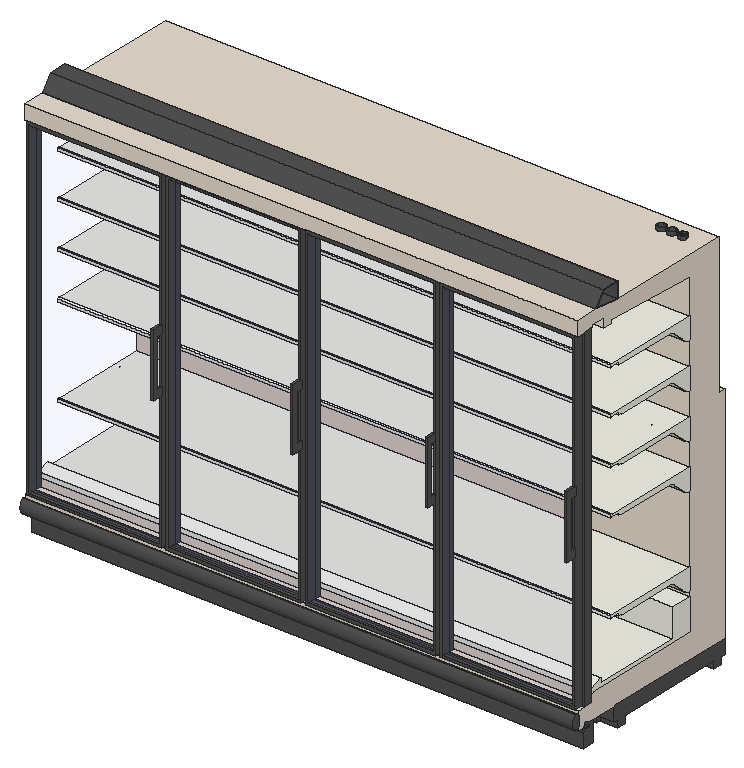
Revit family
Parameters (values of type "RLT-4")
  Voltage - Electric Defrost [instance] = 208 V
  Voltage [instance] = 120 V
  URL = "www.hussmann.com"
  Temp Sensor = "Temp Sensor"
  System Control [instance] = "0.10A"
  Standard Right End Cap On/Off [instance] = no
  Standard Left End Cap On/Off [instance] = no
  Revit Family Dates = "12/18/13(08/13)PMA"
  Refrig. Suction [instance] = "Suction"
  Refrig. Liquid = "Liquid"
  Ref. Sys. Control [instance] = 0.1 A
  R.I. RH Doors YES/NO [instance] = no
  R.I. LH Doors YES/NO [instance] = yes
  R.I. - RH Door Swing YES/NO [instance] = no
  R.I. - LH Door Swing YES/NO [instance] = yes
  Phase [instance] = 1
  Model = "RLT-4"
  Manufacturer = "HUSSMANN CORP"
  Glass [instance] = Glass
  Frequency [instance] = 60 Hz
  Elect. Defrost Amps [instance] = "15.40A"
  Elect. Def.-2 Yes/No [instance] = no
  Elect. Def. Yes/No [instance] = yes
  Elect. Def. Amps [instance] = 15.4 A
  EMS (Controller)-2 YES/NO [instance] = no
  EMS (Controller) YES/NO [instance] = yes
  Drain Heaters [instance] = 3.1 A
  Description = "4-Door Reach-in Low Temp Case"
  Copper-Suction [instance] = Copper
  Copper-Liquid [instance] = Copper
  Controls-2 YES/NO [instance] = no
  Controls Yes/No [instance] = yes
  Controller (EMS) [instance] = 0.1 A
  Condensate Drain Connection [instance] = "1 1/4\" Dia"
  Color - Toe Kick [instance] = Shadow Black
  Color - Shelves [instance] = Interior White
  Color - Light [instance] = Light
  Color - Legs [instance] = Shadow Black
  Color - Interior [instance] = Interior White
  Color - Bumper Rail [instance] = Shadow Black
  Color - Body [instance] = Mystic Gray
  Color [instance] = Shadow Black
  Case Lights-2 YES/NO [instance] = no
  Case Lights YES/NO [instance] = yes
  Case Lights Amps [instance] = "0.72A"
  Case Lights [instance] = 0.72 A
  Case KG Sup Htrs. [instance] = "5.20A"
  Case KG Sup Htrs-2 YES/NO [instance] = no
  Case KG Sup Htrs YES/NO [instance] = yes
  Case KG Sup Htrs [instance] = 5.2 A
  Case Fans-MCA [instance] = 9.3 A
  Case Fans-2 YES/NO [instance] = no
  Case Fans YES/NO [instance] = yes
  Case Fans (MCA) [instance] = "9.30A"
  Case Drain Htrs-2 YES/NO [instance] = no
  Case Drain Htrs YES/NO [instance] = yes
  Case Drain Htrs [instance] = "3.10A"
  5-Shelves On/Off [instance] = yes
  4-Shelves On/Off [instance] = no
  3-Shelves On/Off [instance] = no
  2-Shelves On/Off [instance] = no
  1-Shelves On/Off [instance] = no
Reference planes (in)
  plane 1 "Center (Front/Back)": y = 0
  plane 2: z = 0
  plane 3 "Center (Left/Right)": x = 0
  plane 4: x = 62
  plane 5: y = -42.125
  plane 6: z = 4.75
  plane 7: x = 31
  plane 8: x = 30.5
  plane 9: x = 31.5
  plane 10: x = 0.5
  plane 11: x = 61.5
  plane 12: z = 82.75017
  plane 13: z = 8.25017
  plane 14: x = 30
  plane 15: x = 32
  plane 16: x = 1
  plane 17: x = 61
  plane 18: z = 8.75017
  plane 19: z = 82.25017
  plane 20: y = -40.875
  plane 21: y = -39
  plane 22: y = -43.16337
  plane 23: z = 89.00011
  plane 24: z = 86.00442
  plane 25: x = 122.875
  plane 26: x = 91.87738
  plane 27: x = 91.37738
  plane 28: x = 90.87738
Forms (in)
  Extrusion 1, solid, material "Mystic Gray" <- "Color - Body"
    sketch origin (0, 0, 0) x (0, 1, 0) y (0, 0, 1)
      loop
        line (-40.6, 8.25017) -> (-40.6, 4.265) -> (-39.3376, 4.265) -> (-38.7126, 5.34753) -> (-37.67764, 4.75) -> (0, 4.75) -> (0, 54.406) -> (-1.626, 54.406) -> (-1.626, 85.375) -> (-29.626, 85.375) -> (-35.7178, 86.00442) -> (-40.87784, 86.00442) -> (-40.87784, 82.75442) -> (-36.90797, 82.75442) -> (-36.90797, 83.34417) -> (-33.56579, 83.34417) -> (-33.65569, 81.38621) -> (-31.65779, 81.29448) -> (-31.6237, 82.03699) -> (-9.64685, 81.02795) -> (-9.64685, 10.27795) -> (-36.64685, 10.27795) -> (-36.64685, 9.94983) -> (-36.98797, 9.94983) -> (-36.98797, 8.25017) -> (-40.6, 8.25017)
    from 0 to 122.875
  Extrusion 2, solid, material "Shadow Black" <- "Color - Legs"
    sketch origin (0, 0, 0) x (1, 0, 0) y (0, 1, 0)
      loop
        line (4, -36.707) -> (10, -36.707) -> (10, -35.86) -> (9, -35.86) -> (9, -30.528) -> (10, -30.528) -> (10, -29.778) -> (4, -29.778) -> (4, -30.528) -> (5, -30.528) -> (5, -35.86) -> (4, -35.86) -> (4, -36.707)
      loop
        line (113, -36.707) -> (119, -36.707) -> (119, -35.86) -> (118, -35.86) -> (118, -30.528) -> (119, -30.528) -> (119, -29.778) -> (113, -29.778) -> (113, -30.528) -> (114, -30.528) -> (114, -35.86) -> (113, -35.86) -> (113, -36.707)
      loop
        line (82.4375, -36.707) -> (88.4375, -36.707) -> (88.4375, -35.86) -> (87.4375, -35.86) -> (87.4375, -30.528) -> (88.4375, -30.528) -> (88.4375, -29.778) -> (82.4375, -29.778) -> (82.4375, -30.528) -> (83.4375, -30.528) -> (83.4375, -35.86) -> (82.4375, -35.86) -> (82.4375, -36.707)
      loop
        line (34.4375, -36.707) -> (40.4375, -36.707) -> (40.4375, -35.86) -> (39.4375, -35.86) -> (39.4375, -30.528) -> (40.4375, -30.528) -> (40.4375, -29.778) -> (34.4375, -29.778) -> (34.4375, -30.528) -> (35.4375, -30.528) -> (35.4375, -35.86) -> (34.4375, -35.86) -> (34.4375, -36.707)
    from 0 to 4.639
  Extrusion 3, solid, material "Shadow Black" <- "Color - Toe Kick"
    sketch origin (0, 0, 0) x (0, 1, 0) y (0, 0, 1)
      loop
        line (-37.67764, 4.75) -> (-37.471, 3.6869) -> (-38.14784, 3.6869) -> (-38.22804, 3.548) -> (-38.79179, 3.34281) -> (-39, 3.02219) -> (-39, 0) -> (-36.707, 0) -> (-36.707, 4.75) -> (-37.67764, 4.75)
    from 0 to 122.875
  Extrusion 4, solid, material "Shadow Black" <- "Color - Legs"
    sketch origin (0, 0, 0) x (0, 1, 0) y (0, 0, 1)
      loop
        line (-30.75, 4.75) -> (-30.75, 1.556) -> (-29.691, 1.556) -> (-29.691, 0) -> (-27.799, 0) -> (-27.799, 1.556) -> (-2.895, 1.556) -> (-2.895, 0) -> (-1.003, 0) -> (-1.003, 1.556) -> (0, 1.556) -> (0, 4.75) -> (-30.75, 4.75)
    from 0 to 122.875
  Extrusion 5, solid, material "Interior White" <- "Color - Interior"
    sketch origin (0, 0, 0) x (0, 1, 0) y (0, 0, 1)
      loop
        line (-9.64685, 10.27795) -> (-9.64685, 17.37517) -> (-14.2885, 17.37517) -> (-14.2885, 10.94933) -> (-34.45597, 10.94933) -> (-34.45597, 11.95641) -> (-37.00724, 10.94933) -> (-37.00724, 9.94933) -> (-36.6378, 9.94933) -> (-36.6378, 10.27795) -> (-9.64685, 10.27795)
    from 0 to 122.875
  Extrusion 6, solid, material "Interior White" <- "Color - Shelves", visible <- "5-Shelves On/Off"
    sketch origin (0, 0, 0) x (0, 1, 0) y (0, 0, 1)
      loop
        line (-9.64685, 23.17405) -> (-31.4298, 23.17405) -> (-31.4298, 23.3192) -> (-31.6635, 23.21022) -> (-31.6635, 22.58599) -> (-31.29125, 22.8665) -> (-31.11141, 22.74057) -> (-29.50986, 22.74057) -> (-29.50986, 22.24057) -> (-28.63922, 22.21017) -> (-28.63922, 22.11574) -> (-14.76647, 22.11574) -> (-10.99391, 18.8565) -> (-10.00662, 18.37496) -> (-9.64685, 18.37496) -> (-9.64685, 23.17405)
      loop
        line (-9.64685, 43.17405) -> (-31.4298, 43.17405) -> (-31.4298, 43.3192) -> (-31.6635, 43.21022) -> (-31.6635, 42.58599) -> (-31.29125, 42.8665) -> (-31.11141, 42.74057) -> (-29.50986, 42.74057) -> (-29.50986, 42.24057) -> (-28.63922, 42.21017) -> (-28.63922, 42.11574) -> (-14.76647, 42.11574) -> (-10.99391, 38.8565) -> (-10.00662, 38.37496) -> (-9.64685, 38.37496) -> (-9.64685, 43.17405)
      loop
        line (-9.64685, 53.17405) -> (-31.4298, 53.17405) -> (-31.4298, 53.3192) -> (-31.6635, 53.21022) -> (-31.6635, 52.58599) -> (-31.29125, 52.8665) -> (-31.11141, 52.74057) -> (-29.50986, 52.74057) -> (-29.50986, 52.24057) -> (-28.63922, 52.21017) -> (-28.63922, 52.11574) -> (-14.76647, 52.11574) -> (-10.99391, 48.8565) -> (-10.00662, 48.37496) -> (-9.64685, 48.37496) -> (-9.64685, 53.17405)
      loop
        line (-9.64685, 63.17405) -> (-31.4298, 63.17405) -> (-31.4298, 63.3192) -> (-31.6635, 63.21022) -> (-31.6635, 62.58599) -> (-31.29125, 62.8665) -> (-31.11141, 62.74057) -> (-29.50986, 62.74057) -> (-29.50986, 62.24057) -> (-28.63922, 62.21017) -> (-28.63922, 62.11574) -> (-14.76647, 62.11574) -> (-10.99391, 58.8565) -> (-10.00662, 58.37496) -> (-9.64685, 58.37496) -> (-9.64685, 63.17405)
      loop
        line (-9.64685, 73.17405) -> (-31.4298, 73.17405) -> (-31.4298, 73.3192) -> (-31.6635, 73.21022) -> (-31.6635, 72.58599) -> (-31.29125, 72.8665) -> (-31.11141, 72.74057) -> (-29.50986, 72.74057) -> (-29.50986, 72.24057) -> (-28.63922, 72.21017) -> (-28.63922, 72.11574) -> (-14.76647, 72.11574) -> (-10.99391, 68.8565) -> (-10.00662, 68.37496) -> (-9.64685, 68.37496) -> (-9.64685, 73.17405)
    from 0 to 122.875
  Extrusion 7, solid, material "Shadow Black" <- "Color - Bumper Rail"
    sketch origin (0, 0, 0) x (0, 1, 0) y (0, 0, 1)
      loop
        line (-40.6, 7.23837) -> (-41.07283, 7.7112) -> (-41.39244, 7.7112)
        arc (-41.39244, 7.7112) -> (-42.13964, 6.12628) -> (-41.39244, 4.54135) r 2.05454
        line (-41.39244, 4.54135) -> (-41.07408, 4.54135) -> (-40.6, 5.01543) -> (-40.6, 7.23837)
    from 0 to 122.875
  Extrusion 8, solid, material "Shadow Black" <- "Color"
    sketch origin (0, 0, 0) x (0, 1, 0) y (0, 0, 1)
      loop
        line (-38.8929, 82.75442) -> (-38.8929, 8.25017) -> (-36.98797, 8.25017) -> (-36.98797, 82.75442) -> (-38.8929, 82.75442)
    from 0 to 0.5
  Extrusion 9, solid, material "Shadow Black" <- "Color"
    sketch origin (30.5, -0.09507, 0) x (0, 1, 0) y (0, 0, 1)
      loop
        line (-38.8929, 82.75442) -> (-38.8929, 8.25017) -> (-36.98797, 8.25017) -> (-36.98797, 82.75442) -> (-38.8929, 82.75442)
    from 0 to 1
  Extrusion 10, solid, material "Shadow Black" <- "Color"
    sketch origin (0, 0, 0) x (1, 0, 0) y (0, 0, 1)
      loop
        line (0.5, 8.25017) -> (30.5, 8.25017) -> (30.5, 82.75442) -> (0.5, 82.75442) -> (0.5, 8.25017)
      loop
        line (1, 8.75017) -> (30, 8.75017) -> (30, 82.25017) -> (1, 82.25017) -> (1, 8.75017)
    from 39 to 40.87784
  Extrusion 11, solid, material "Glass"
    sketch origin (0, 0, 0) x (1, 0, 0) y (0, 0, 1)
      loop
        line (1, 8.75017) -> (30, 8.75017) -> (30, 82.25017) -> (1, 82.25017) -> (1, 8.75017)
    from 39.65088 to 40.28076
  Extrusion 12, solid, material "Shadow Black" <- "Color"
    sketch origin (31, 0, 0) x (1, 0, 0) y (0, 0, 1)
      loop
        line (0.5, 8.25017) -> (30.5, 8.25017) -> (30.5, 82.75442) -> (0.5, 82.75442) -> (0.5, 8.25017)
      loop
        line (1, 8.75017) -> (30, 8.75017) -> (30, 82.25017) -> (1, 82.25017) -> (1, 8.75017)
    from 39 to 40.87784
  Extrusion 13, solid, material "Glass" <- "Glass"
    sketch origin (31, 0, 0) x (1, 0, 0) y (0, 0, 1)
      loop
        line (1, 8.75017) -> (30, 8.75017) -> (30, 82.25017) -> (1, 82.25017) -> (1, 8.75017)
    from 39.65088 to 40.28076
  Extrusion 14, solid, material "Shadow Black" <- "Color", visible <- "R.I. LH Doors YES/NO"
    sketch origin (0, 0, 0) x (0, 1, 0) y (0, 0, 1)
      loop
        line (-40.875, 52.65143) -> (-43.16337, 52.65143) -> (-43.16337, 38.65143) -> (-40.87784, 38.65143) -> (-40.87784, 40.40143) -> (-42.26191, 40.40143) -> (-42.26191, 50.90143) -> (-40.875, 50.90143) -> (-40.875, 52.65143)
    from 30 to 30.5
  Extrusion 15, solid
    sketch origin (38.5, 0, 0) x (1, 0, 0) y (0, 1, 0)
      loop
        circle (38.125, -34.62535) r 0.625
      loop
        circle (38.125, -34.62535) r 0.5578
    from 3.875 to 4.75
  Extrusion 16, solid, material "Shadow Black" <- "Color"
    sketch origin (60.875, 0, 0) x (1, 0, 0) y (0, 1, 0)
      loop
        circle (57.125, -5.5) r 0.9375
      loop
        circle (57.125, -5.5) r 0.84894
    from 85.375 to 86.00442
  Extrusion 17, solid, material "Shadow Black" <- "Color"
    sketch origin (58.5, 0, 0) x (1, 0, 0) y (0, 1, 0)
      loop
        circle (57.125, -5.5) r 0.9375
      loop
        circle (57.125, -5.5) r 0.84894
    from 85.375 to 86.00442
  Extrusion 18, solid, material "Shadow Black" <- "Color"
    sketch origin (56.125, 0, 0) x (1, 0, 0) y (0, 1, 0)
      loop
        circle (57.125, -5.5) r 0.9375
      loop
        circle (57.125, -5.5) r 0.84894
    from 85.36717 to 86
  Extrusion 19, solid, material "Shadow Black" <- "Color"
    sketch origin (122.375, -0.0369, 0) x (0, 1, 0) y (0, 0, 1)
      loop
        line (-38.8929, 82.75442) -> (-38.8929, 8.25017) -> (-36.98797, 8.25017) -> (-36.98797, 82.75442) -> (-38.8929, 82.75442)
    from 0 to 0.5
  Extrusion 20, solid, material "Shadow Black" <- "Color"
    sketch origin (91.875, 0, 0) x (1, 0, 0) y (0, 0, 1)
      loop
        line (0.5, 8.25017) -> (30.5, 8.25017) -> (30.5, 82.75442) -> (0.5, 82.75442) -> (0.5, 8.25017)
      loop
        line (1, 8.75017) -> (30, 8.75017) -> (30, 82.25017) -> (1, 82.25017) -> (1, 8.75017)
    from 39 to 40.87784
  Extrusion 21, solid, material "Glass" <- "Glass"
    sketch origin (91.875, 0, 0) x (1, 0, 0) y (0, 0, 1)
      loop
        line (1, 8.75017) -> (30, 8.75017) -> (30, 82.25017) -> (1, 82.25017) -> (1, 8.75017)
    from 39.65088 to 40.28076
  Extrusion 22, solid, material "Shadow Black" <- "Color", visible <- "R.I. LH Doors YES/NO"
    sketch origin (60.875, 0.03553, 0) x (0, 1, 0) y (0, 0, 1)
      loop
        line (-40.875, 52.65143) -> (-43.16337, 52.65143) -> (-43.16337, 38.65143) -> (-40.87784, 38.65143) -> (-40.87784, 40.40143) -> (-42.26191, 40.40143) -> (-42.26191, 50.90143) -> (-40.875, 50.90143) -> (-40.875, 52.65143)
    from 30 to 30.5
  Extrusion 23, solid, material "Shadow Black" <- "Color"
    sketch origin (61.5, -0.09507, 0) x (0, 1, 0) y (0, 0, 1)
      loop
        line (-38.8929, 82.75442) -> (-38.8929, 8.25017) -> (-36.98797, 8.25017) -> (-36.98797, 82.75442) -> (-38.8929, 82.75442)
    from 0 to 1
  Extrusion 24, solid, material "Shadow Black" <- "Color"
    sketch origin (62, 0, 0) x (1, 0, 0) y (0, 0, 1)
      loop
        line (0.5, 8.25017) -> (29.37738, 8.25017) -> (29.37738, 82.75442) -> (0.5, 82.75442) -> (0.5, 8.25017)
      loop
        line (1, 8.75017) -> (28.87738, 8.75017) -> (28.87738, 82.25017) -> (1, 82.25017) -> (1, 8.75017)
    from 39 to 40.87784
  Extrusion 25, solid, material "Glass" <- "Glass"
    sketch origin (62, 0, 0) x (1, 0, 0) y (0, 0, 1)
      loop
        line (1, 8.75017) -> (28.87738, 8.75017) -> (28.87738, 82.25017) -> (1, 82.25017) -> (1, 8.75017)
    from 39.65088 to 40.28076
  Extrusion 26, solid, material "Shadow Black" <- "Color", visible <- "R.I. LH Doors YES/NO"
    sketch origin (31, 0.03553, 0) x (0, 1, 0) y (0, 0, 1)
      loop
        line (-40.875, 52.65143) -> (-43.16337, 52.65143) -> (-43.16337, 38.65143) -> (-40.87784, 38.65143) -> (-40.87784, 40.40143) -> (-42.26191, 40.40143) -> (-42.26191, 50.90143) -> (-40.875, 50.90143) -> (-40.875, 52.65143)
    from 30 to 30.5
  Extrusion 27, solid, material "Shadow Black" <- "Color"
    sketch origin (91.37738, -0.4949, 0) x (0, 1, 0) y (0, 0, 1)
      loop
        line (-38.8929, 82.75442) -> (-38.8929, 8.25017) -> (-36.98797, 8.25017) -> (-36.98797, 82.75442) -> (-38.8929, 82.75442)
    from 0 to 1
  Extrusion 28, solid, material "Shadow Black" <- "Color", visible <- "R.I. LH Doors YES/NO"
    sketch origin (91.875, 0.03553, 0) x (0, 1, 0) y (0, 0, 1)
      loop
        line (-40.875, 52.65143) -> (-43.16337, 52.65143) -> (-43.16337, 38.65143) -> (-40.87784, 38.65143) -> (-40.87784, 40.40143) -> (-42.26191, 40.40143) -> (-42.26191, 50.90143) -> (-40.875, 50.90143) -> (-40.875, 52.65143)
    from 30 to 30.5
  Extrusion 29, solid, material "Shadow Black" <- "Color"
    sketch origin (0, 0, 0) x (0, 1, 0) y (0, 0, 1)
      loop
        line (-29.626, 85.375) -> (-29.626, 89.00011) -> (-33.6202, 89.00011) -> (-35.7178, 86.00442) -> (-29.626, 85.375)
      loop
        line (-29.70065, 85.4864) -> (-29.70065, 88.91944) -> (-33.56683, 88.91944) -> (-35.54766, 86.09053) -> (-29.70065, 85.4864)
    from 0 to 122.875
  Extrusion 30, solid, material "Shadow Black" <- "Color", visible <- "R.I. RH Doors YES/NO"
    sketch origin (31, 0, 0) x (0, 1, 0) y (0, 0, -1)
      loop
        line (-40.875, -52.65143) -> (-40.875, -50.90143) -> (-42.26191, -50.90143) -> (-42.26191, -40.40143) -> (-40.87784, -40.40143) -> (-40.87784, -38.65143) -> (-43.16337, -38.65143) -> (-43.16337, -52.65143) -> (-40.875, -52.65143)
    from 30 to 30.5
  Extrusion 31, solid, material "Shadow Black" <- "Color", visible <- "R.I. RH Doors YES/NO"
    sketch origin (62, 0, 0) x (0, 1, 0) y (0, 0, -1)
      loop
        line (-40.875, -52.65143) -> (-40.875, -50.90143) -> (-42.26191, -50.90143) -> (-42.26191, -40.40143) -> (-40.87784, -40.40143) -> (-40.87784, -38.65143) -> (-43.16337, -38.65143) -> (-43.16337, -52.65143) -> (-40.875, -52.65143)
    from 30 to 30.5
  Extrusion 32, solid, material "Shadow Black" <- "Color", visible <- "R.I. RH Doors YES/NO"
    sketch origin (93, 0, 0) x (0, 1, 0) y (0, 0, -1)
      loop
        line (-40.875, -52.65143) -> (-40.875, -50.90143) -> (-42.26191, -50.90143) -> (-42.26191, -40.40143) -> (-40.87784, -40.40143) -> (-40.87784, -38.65143) -> (-43.16337, -38.65143) -> (-43.16337, -52.65143) -> (-40.875, -52.65143)
    from 30 to 30.5
  Extrusion 33, solid, material "Shadow Black" <- "Color", visible <- "R.I. RH Doors YES/NO"
    sketch origin (122.87106, 0, 0) x (0, 1, 0) y (0, 0, -1)
      loop
        line (-40.875, -52.65143) -> (-40.875, -50.90143) -> (-42.26191, -50.90143) -> (-42.26191, -40.40143) -> (-40.87784, -40.40143) -> (-40.87784, -38.65143) -> (-43.16337, -38.65143) -> (-43.16337, -52.65143) -> (-40.875, -52.65143)
    from 30 to 30.5
  Extrusion 34, solid
    sketch origin (7.25, -1.75, 0) x (1, 0, 0) y (0, 1, 0)
      loop
        circle (2.75, -30.16725) r 0.5
      loop
        circle (2.75, -30.16725) r 0.47014
      loop
        circle (4, -30.16725) r 0.5
      loop
        circle (4, -30.16725) r 0.47014
      loop
        circle (5.25, -30.16725) r 0.5
      loop
        circle (5.25, -30.16725) r 0.47014
      loop
        circle (6.5, -30.16725) r 0.5
      loop
        circle (6.5, -30.16725) r 0.47014
      loop
        circle (7.75, -30.16725) r 0.5
      loop
        circle (7.75, -30.16725) r 0.47014
      loop
        circle (2.75, -29.04125) r 0.5
      loop
        circle (2.75, -29.04125) r 0.47014
      loop
        circle (4, -29.04125) r 0.5
      loop
        circle (4, -29.04125) r 0.47014
    from 85.375 to 86.33078
  Extrusion 35, solid
    sketch origin (115.62738, -1.75, 0) x (-1, 0, 0) y (0, -1, 0)
      loop
        circle (2.75, 30.16725) r 0.5
      loop
        circle (2.75, 30.16725) r 0.47014
      loop
        circle (4, 30.16725) r 0.5
      loop
        circle (4, 30.16725) r 0.47014
      loop
        circle (5.25, 30.16725) r 0.5
      loop
        circle (5.25, 30.16725) r 0.47014
      loop
        circle (6.5, 30.16725) r 0.5
      loop
        circle (6.5, 30.16725) r 0.47014
      loop
        circle (7.75, 30.16725) r 0.5
      loop
        circle (7.75, 30.16725) r 0.47014
      loop
        circle (2.75, 29.04125) r 0.5
      loop
        circle (2.75, 29.04125) r 0.47014
      loop
        circle (4, 29.04125) r 0.5
      loop
        circle (4, 29.04125) r 0.47014
    from 85.375 to 86.33078
  Extrusion 36, solid, material "Copper" <- "Copper-Suction"
    sketch origin (60.86777, 0, 0) x (1, 0, 0) y (0, 1, 0)
      loop
        circle (57.42378, -5.50951) r 0.3125
      loop
        circle (57.42378, -5.50951) r 0.28333
    from 85.375 to 86.00442
  Extrusion 37, solid, material "Copper" <- "Copper-Liquid"
    sketch origin (60.86777, 0, 0) x (1, 0, 0) y (0, 1, 0)
      loop
        circle (56.67874, -5.50951) r 0.1875
      loop
        circle (56.67874, -5.50951) r 0.17549
    from 85.375 to 86.00442
  Extrusion 38, solid, material "Interior White" <- "Color - Shelves", visible <- "1-Shelves On/Off"
    sketch origin (0, 0, 0) x (0, 1, 0) y (0, 0, 1)
      loop
        line (-9.64685, 43.17405) -> (-31.4298, 43.17405) -> (-31.4298, 43.3192) -> (-31.6635, 43.21022) -> (-31.6635, 42.58599) -> (-31.29125, 42.8665) -> (-31.11141, 42.74057) -> (-29.50986, 42.74057) -> (-29.50986, 42.24057) -> (-28.63922, 42.21017) -> (-28.63922, 42.11574) -> (-14.76647, 42.11574) -> (-10.99391, 38.8565) -> (-10.00662, 38.37496) -> (-9.64685, 38.37496) -> (-9.64685, 43.17405)
    from 0 to 122.875
  Extrusion 39, solid, material "Interior White" <- "Color - Shelves", visible <- "2-Shelves On/Off"
    sketch origin (0, 0, 0) x (0, 1, 0) y (0, 0, 1)
      loop
        line (-9.64685, 43.17405) -> (-31.4298, 43.17405) -> (-31.4298, 43.3192) -> (-31.6635, 43.21022) -> (-31.6635, 42.58599) -> (-31.29125, 42.8665) -> (-31.11141, 42.74057) -> (-29.50986, 42.74057) -> (-29.50986, 42.24057) -> (-28.63922, 42.21017) -> (-28.63922, 42.11574) -> (-14.76647, 42.11574) -> (-10.99391, 38.8565) -> (-10.00662, 38.37496) -> (-9.64685, 38.37496) -> (-9.64685, 43.17405)
      loop
        line (-9.64685, 63.17405) -> (-31.4298, 63.17405) -> (-31.4298, 63.3192) -> (-31.6635, 63.21022) -> (-31.6635, 62.58599) -> (-31.29125, 62.8665) -> (-31.11141, 62.74057) -> (-29.50986, 62.74057) -> (-29.50986, 62.24057) -> (-28.63922, 62.21017) -> (-28.63922, 62.11574) -> (-14.76647, 62.11574) -> (-10.99391, 58.8565) -> (-10.00662, 58.37496) -> (-9.64685, 58.37496) -> (-9.64685, 63.17405)
    from 0 to 122.875
  Extrusion 40, solid, material "Interior White" <- "Color - Shelves", visible <- "3-Shelves On/Off"
    sketch origin (0, 0, 0) x (0, 1, 0) y (0, 0, 1)
      loop
        line (-9.64685, 43.17405) -> (-31.4298, 43.17405) -> (-31.4298, 43.3192) -> (-31.6635, 43.21022) -> (-31.6635, 42.58599) -> (-31.29125, 42.8665) -> (-31.11141, 42.74057) -> (-29.50986, 42.74057) -> (-29.50986, 42.24057) -> (-28.63922, 42.21017) -> (-28.63922, 42.11574) -> (-14.76647, 42.11574) -> (-10.99391, 38.8565) -> (-10.00662, 38.37496) -> (-9.64685, 38.37496) -> (-9.64685, 43.17405)
      loop
        line (-9.64685, 53.17405) -> (-31.4298, 53.17405) -> (-31.4298, 53.3192) -> (-31.6635, 53.21022) -> (-31.6635, 52.58599) -> (-31.29125, 52.8665) -> (-31.11141, 52.74057) -> (-29.50986, 52.74057) -> (-29.50986, 52.24057) -> (-28.63922, 52.21017) -> (-28.63922, 52.11574) -> (-14.76647, 52.11574) -> (-10.99391, 48.8565) -> (-10.00662, 48.37496) -> (-9.64685, 48.37496) -> (-9.64685, 53.17405)
      loop
        line (-9.64685, 63.17405) -> (-31.4298, 63.17405) -> (-31.4298, 63.3192) -> (-31.6635, 63.21022) -> (-31.6635, 62.58599) -> (-31.29125, 62.8665) -> (-31.11141, 62.74057) -> (-29.50986, 62.74057) -> (-29.50986, 62.24057) -> (-28.63922, 62.21017) -> (-28.63922, 62.11574) -> (-14.76647, 62.11574) -> (-10.99391, 58.8565) -> (-10.00662, 58.37496) -> (-9.64685, 58.37496) -> (-9.64685, 63.17405)
    from 0 to 122.875
  Extrusion 41, solid, material "Interior White" <- "Color - Shelves", visible <- "4-Shelves On/Off"
    sketch origin (0, 0, 0) x (0, 1, 0) y (0, 0, 1)
      loop
        line (-9.64685, 43.17405) -> (-31.4298, 43.17405) -> (-31.4298, 43.3192) -> (-31.6635, 43.21022) -> (-31.6635, 42.58599) -> (-31.29125, 42.8665) -> (-31.11141, 42.74057) -> (-29.50986, 42.74057) -> (-29.50986, 42.24057) -> (-28.63922, 42.21017) -> (-28.63922, 42.11574) -> (-14.76647, 42.11574) -> (-10.99391, 38.8565) -> (-10.00662, 38.37496) -> (-9.64685, 38.37496) -> (-9.64685, 43.17405)
      loop
        line (-9.64685, 53.17405) -> (-31.4298, 53.17405) -> (-31.4298, 53.3192) -> (-31.6635, 53.21022) -> (-31.6635, 52.58599) -> (-31.29125, 52.8665) -> (-31.11141, 52.74057) -> (-29.50986, 52.74057) -> (-29.50986, 52.24057) -> (-28.63922, 52.21017) -> (-28.63922, 52.11574) -> (-14.76647, 52.11574) -> (-10.99391, 48.8565) -> (-10.00662, 48.37496) -> (-9.64685, 48.37496) -> (-9.64685, 53.17405)
      loop
        line (-9.64685, 63.17405) -> (-31.4298, 63.17405) -> (-31.4298, 63.3192) -> (-31.6635, 63.21022) -> (-31.6635, 62.58599) -> (-31.29125, 62.8665) -> (-31.11141, 62.74057) -> (-29.50986, 62.74057) -> (-29.50986, 62.24057) -> (-28.63922, 62.21017) -> (-28.63922, 62.11574) -> (-14.76647, 62.11574) -> (-10.99391, 58.8565) -> (-10.00662, 58.37496) -> (-9.64685, 58.37496) -> (-9.64685, 63.17405)
      loop
        line (-9.64685, 73.17405) -> (-31.4298, 73.17405) -> (-31.4298, 73.3192) -> (-31.6635, 73.21022) -> (-31.6635, 72.58599) -> (-31.29125, 72.8665) -> (-31.11141, 72.74057) -> (-29.50986, 72.74057) -> (-29.50986, 72.24057) -> (-28.63922, 72.21017) -> (-28.63922, 72.11574) -> (-14.76647, 72.11574) -> (-10.99391, 68.8565) -> (-10.00662, 68.37496) -> (-9.64685, 68.37496) -> (-9.64685, 73.17405)
    from 0 to 122.875
Lines and regions (in)
  symbolic lines
    curve 1: line (0, -42.13964, 0) -> (122.875, -42.13964, 0)
    curve 2: line (0, 0, 0) -> (0, -42.13964, 0)
    curve 3: line (122.875, 0, 0) -> (0, 0, 0)
    curve 4: line (122.875, -42.13964, 0) -> (122.875, 0, 0)
  symbolic lines, visible <- "R.I. - LH Door Swing YES/NO"
    curve 5: line (32, -42.13964, 0) -> (32, -72.13964, 0)
    curve 6: arc (32, -72.13964, 0) -> (53.2132, -63.35284, 0) -> (62, -42.13964, 0) r 30
    curve 7: line (62.5, -42.13964, 0) -> (62.5, -72.13964, 0)
    curve 8: arc (62.5, -72.13964, 0) -> (83.7132, -63.35284, 0) -> (92.5, -42.13964, 0) r 30
    curve 9: line (1, -42.13964, 0) -> (1, -72.13964, 0)
    curve 10: arc (1, -72.13964, 0) -> (22.2132, -63.35284, 0) -> (31, -42.13964, 0) r 30
    curve 19: line (92.5, -42.13964, 0) -> (92.5, -72.13964, 0)
    curve 20: arc (92.5, -72.13964, 0) -> (113.7132, -63.35284, 0) -> (122.5, -42.13964, 0) r 30
  symbolic lines, visible <- "R.I. - RH Door Swing YES/NO"
    curve 11: line (61, -42.13964, 0) -> (61, -72.13964, 0)
    curve 12: arc (61, -72.13964, 0) -> (39.7868, -63.35284, 0) -> (31, -42.13964, 0) r 30
    curve 13: line (92, -42.13964, 0) -> (92, -72.13964, 0)
    curve 14: arc (92, -72.13964, 0) -> (70.7868, -63.35284, 0) -> (62, -42.13964, 0) r 30
    curve 15: line (30, -42.13964, 0) -> (30, -72.13964, 0)
    curve 16: arc (30, -72.13964, 0) -> (8.7868, -63.35284, 0) -> (0, -42.13964, 0) r 30
    curve 17: line (122.375, -42.13964, 0) -> (122.375, -72.13964, 0)
    curve 18: arc (122.375, -72.13964, 0) -> (101.1618, -63.35284, 0) -> (92.375, -42.13964, 0) r 30
Dimensions and locks (in)
  plane 20 to plane 1 "Center (Front/Back)" = 3' - 4 7/8"
  plane 21 to plane 1 "Center (Front/Back)" = 3' - 3"
  plane 5 to plane 1 "Center (Front/Back)" = 3' - 6 1/8"  (x2)
  plane 24 to level = 7' - 2.00442"
  plane 23 to level = 7' - 5.00011"
  plane 3 "Center (Left/Right)" to plane 25 = 10' - 2 7/8"
  aligned and locked: Extrusion 8 sketch curve to Extrusion 1  (x2)
  aligned and locked: plane 9 to Extrusion 9
  aligned and locked: Extrusion 8 to Extrusion 10 sketch curve  (x2)
  aligned and locked: Extrusion 10 sketch curve to Extrusion 9  (x2)
  aligned and locked: plane 16 to Extrusion 10 sketch curve
  aligned and locked: Extrusion 10 sketch curve to plane 18
  aligned and locked: plane 19 to Extrusion 10 sketch curve
  aligned and locked: plane 14 to Extrusion 10 sketch curve
  aligned and locked: Extrusion 1 to Extrusion 10
  aligned and locked: Extrusion 11 sketch curve to Extrusion 10  (x3)
  aligned and locked: Extrusion 10 to Extrusion 11 sketch curve
  aligned and locked: Extrusion 13 sketch curve to Extrusion 12  (x3)
  aligned and locked: Extrusion 12 to Extrusion 13 sketch curve
  aligned and locked: Extrusion 14 to plane 14
  aligned and locked: plane 8 to Extrusion 14
  aligned and locked: Extrusion 1 to Extrusion 6
  aligned and locked: Extrusion 1 to Extrusion 5
  aligned and locked: Extrusion 1 to Extrusion 4
  aligned and locked: Extrusion 1 to Extrusion 3
  aligned and locked: Extrusion 21 sketch curve to Extrusion 20  (x3)
  aligned and locked: Extrusion 20 to Extrusion 21 sketch curve
  aligned and locked: Extrusion 25 sketch curve to Extrusion 24  (x3)
  aligned and locked: Extrusion 24 to Extrusion 25 sketch curve
  aligned and locked: Extrusion 24 to plane 28
  aligned and locked: plane 27 to Extrusion 24
  aligned and locked: Extrusion 1 to Extrusion 29
  aligned and locked: curve 2 to Extrusion 7
  aligned and locked: curve 3 to Extrusion 1
  aligned and locked: curve 4 to Extrusion 1
  aligned and locked: Extrusion 1 to Extrusion 41
  aligned and locked: Extrusion 1 to Extrusion 40
  aligned and locked: Extrusion 1 to Extrusion 39
  aligned and locked: Extrusion 1 to Extrusion 38
Nested families (in)
  nested 1: "Case Model TXT" at (62.45389, -9.63531, 0), type "Case Model TXT"
  nested 2: "Case Nodes" at (10, -31.91592, 0), type "Case Nodes"
  nested 3: "Case Nodes" at (112.87738, -31.91592, 0) x (-1, 0, 0) z (0, 0, 1), type "Case Nodes"
  nested 4: "Case Nodes" at (117.98015, -5.48329, 0) x (-1, 0, 0) z (0, 0, 1), type "Case Nodes"
  nested 5: "Case Nodes" at (31, -39, 0), type "Case Nodes"
  nested 6: "Case Nodes" at (31, -29, 0), type "Case Nodes"
  nested 7: "Case Nodes" at (31, -33, 0), type "Case Nodes"
  nested 8: "Case Nodes" at (91.87738, -39, 0) x (-1, 0, 0) z (0, 0, 1), type "Case Nodes"
  nested 9: "Case Nodes" at (91.87738, -29, 0) x (-1, 0, 0) z (0, 0, 1), type "Case Nodes"
  nested 10: "Case Nodes" at (91.87738, -33, 0) x (-1, 0, 0) z (0, 0, 1), type "Case Nodes"
  nested 11: "RLT-INNOVATOR_END CAP" at (-1, 0, 0), visible <- "Standard Left End Cap On/Off", type "RLT END CAP"
    with Color - Body Mystic Gray
  nested 12: "RLT-INNOVATOR_END CAP" at (122.875, 0, 0), visible <- "Standard Right End Cap On/Off", type "RLT END CAP"
    with Color - Body Mystic Gray
Connectors (in)
  piping at (76.625, -34.62535, 3.875), driven by "Condensate Drain Connection"
    settings: on Extrusion 15, index 10, connector radius 5/8", flow factor 0, pipe flow 0 GPM, pressure drop 0.00 psi, fitting loss kfactor 0, connector angle 0.00°, fixture units 0, flow configuration 0, flow direction 2, fitting loss method 0, system type 16, connector reference index -1, connector utility 0, adjustable connector no, is connector primary yes, fitting loss table "", connector description "1 1/4\" Dia"
  electrical at (10, -31.91725, 86.33078), driven by "Phase", driven by "Voltage - Electric Defrost", driven by "Elect. Def. Yes/No", driven by "Elect. Defrost Amps"
    settings: on Extrusion 34, index 11, voltage 208 V, apparent load 0 VA, apparent load phase1 0 VA, apparent load phase2 0 VA, apparent load phase3 0 VA, power factor 1, load classification "Power", number of poles 1, system type 30, power factor state 1, is connector primary yes, connector utility yes, sub classification motor no, connector description "15.40A"
  electrical at (11.25, -31.91725, 86.33078), driven by "Phase", driven by "Voltage", driven by "Case Fans (MCA)", driven by "Case Fans YES/NO"
    settings: on Extrusion 34, index 12, voltage 120 V, apparent load 0 VA, apparent load phase1 0 VA, apparent load phase2 0 VA, apparent load phase3 0 VA, power factor 1, load classification "Motor", number of poles 1, system type 30, power factor state 1, is connector primary no, connector utility yes, sub classification motor no, connector description "9.30A"
  electrical at (12.5, -31.91725, 86.33078), driven by "Phase", driven by "Voltage", driven by "Case Lights Amps", driven by "Case Lights YES/NO"
    settings: on Extrusion 34, index 13, voltage 120 V, apparent load 0 VA, apparent load phase1 0 VA, apparent load phase2 0 VA, apparent load phase3 0 VA, power factor 1, load classification "Lighting", number of poles 1, system type 30, power factor state 1, is connector primary no, connector utility yes, sub classification motor no, connector description "0.72A"
  electrical at (13.75, -31.91725, 86.33078), driven by "Phase", driven by "Voltage", driven by "Case Drain Htrs", driven by "Case Drain Htrs YES/NO"
    settings: on Extrusion 34, index 14, voltage 120 V, apparent load 0 VA, apparent load phase1 0 VA, apparent load phase2 0 VA, apparent load phase3 0 VA, power factor 1, load classification "Power", number of poles 1, system type 30, power factor state 1, is connector primary no, connector utility yes, sub classification motor no, connector description "3.10A"
  electrical at (15, -31.91725, 86.33078), driven by "Phase", driven by "Voltage", driven by "Case KG Sup Htrs.", driven by "Case KG Sup Htrs YES/NO"
    settings: on Extrusion 34, index 15, voltage 120 V, apparent load 0 VA, apparent load phase1 0 VA, apparent load phase2 0 VA, apparent load phase3 0 VA, power factor 1, load classification "Power", number of poles 1, system type 30, power factor state 1, is connector primary no, connector utility yes, sub classification motor no, connector description "5.20A"
  electrical at (10, -30.79125, 86.33078), driven by "System Control", driven by "Controls Yes/No"
    settings: on Extrusion 34, index 16, voltage 0 V, apparent load 0 VA, apparent load phase1 0 VA, apparent load phase2 0 VA, apparent load phase3 0 VA, power factor 1, load classification "Other", number of poles 1, system type 13, power factor state 1, is connector primary no, connector utility yes, sub classification motor no, connector description "0.10A"
  electrical at (11.25, -30.79125, 86.33078), driven by "Temp Sensor", driven by "EMS (Controller) YES/NO"
    settings: on Extrusion 34, index 17, voltage 0 V, apparent load 0 VA, apparent load phase1 0 VA, apparent load phase2 0 VA, apparent load phase3 0 VA, power factor 1, load classification "Other", number of poles 1, system type 5, power factor state 1, is connector primary no, connector utility yes, sub classification motor no, connector description "Temp Sensor"
  electrical at (112.87738, -31.91725, 86.33078), driven by "Phase", driven by "Voltage - Electric Defrost", driven by "Elect. Defrost Amps", driven by "Elect. Def.-2 Yes/No"
    settings: on Extrusion 35, index 18, voltage 208 V, apparent load 0 VA, apparent load phase1 0 VA, apparent load phase2 0 VA, apparent load phase3 0 VA, power factor 1, load classification "Power", number of poles 1, system type 30, power factor state 1, is connector primary no, connector utility no, sub classification motor no, connector description "15.40A"
  electrical at (111.62738, -31.91725, 86.33078), driven by "Phase", driven by "Voltage", driven by "Case Fans (MCA)", driven by "Case Fans-2 YES/NO"
    settings: on Extrusion 35, index 19, voltage 120 V, apparent load 0 VA, apparent load phase1 0 VA, apparent load phase2 0 VA, apparent load phase3 0 VA, power factor 1, load classification "Motor", number of poles 1, system type 30, power factor state 1, is connector primary no, connector utility no, sub classification motor no, connector description "9.30A"
  electrical at (110.37738, -31.91725, 86.33078), driven by "Phase", driven by "Voltage", driven by "Case Lights Amps", driven by "Case Lights-2 YES/NO"
    settings: on Extrusion 35, index 20, voltage 120 V, apparent load 0 VA, apparent load phase1 0 VA, apparent load phase2 0 VA, apparent load phase3 0 VA, power factor 1, load classification "Lighting", number of poles 1, system type 30, power factor state 1, is connector primary no, connector utility no, sub classification motor no, connector description "0.72A"
  electrical at (109.12738, -31.91725, 86.33078), driven by "Phase", driven by "Voltage", driven by "Case Drain Htrs", driven by "Case Drain Htrs-2 YES/NO"
    settings: on Extrusion 35, index 21, voltage 120 V, apparent load 0 VA, apparent load phase1 0 VA, apparent load phase2 0 VA, apparent load phase3 0 VA, power factor 1, load classification "Power", number of poles 1, system type 30, power factor state 1, is connector primary no, connector utility no, sub classification motor no, connector description "3.10A"
  electrical at (107.87738, -31.91725, 86.33078), driven by "Phase", driven by "Voltage", driven by "Case KG Sup Htrs.", driven by "Case KG Sup Htrs-2 YES/NO"
    settings: on Extrusion 35, index 22, voltage 120 V, apparent load 0 VA, apparent load phase1 0 VA, apparent load phase2 0 VA, apparent load phase3 0 VA, power factor 1, load classification "Power", number of poles 1, system type 30, power factor state 1, is connector primary no, connector utility no, sub classification motor no, connector description "5.20A"
  electrical at (112.87738, -30.79125, 86.33078), driven by "System Control", driven by "Controls-2 YES/NO"
    settings: on Extrusion 35, index 23, voltage 0 V, apparent load 0 VA, apparent load phase1 0 VA, apparent load phase2 0 VA, apparent load phase3 0 VA, power factor 1, load classification "Other", number of poles 1, system type 13, power factor state 1, is connector primary no, connector utility no, sub classification motor no, connector description "0.10A"
  electrical at (111.62738, -30.79125, 86.33078), driven by "Temp Sensor", driven by "EMS (Controller)-2 YES/NO"
    settings: on Extrusion 35, index 24, voltage 0 V, apparent load 0 VA, apparent load phase1 0 VA, apparent load phase2 0 VA, apparent load phase3 0 VA, power factor 1, load classification "Other", number of poles 1, system type 5, power factor state 1, is connector primary no, connector utility no, sub classification motor no, connector description "Temp Sensor"
  piping at (118.29154, -5.50951, 86.00442), driven by "Refrig. Suction"
    settings: on Extrusion 36, index 25, connector radius 7/16", flow factor 0, pipe flow 0 GPM, pressure drop 0.00 psi, fitting loss kfactor 0, connector angle 0.00°, fixture units 0, flow configuration 0, flow direction 2, fitting loss method 0, system type 22, connector reference index -1, connector utility 0, adjustable connector no, is connector primary no, fitting loss table "", connector description "Suction"
  piping at (117.54651, -5.50951, 86.00442), driven by "Refrig. Liquid"
    settings: on Extrusion 37, index 26, connector radius 3/16", flow factor 0, pipe flow 0 GPM, pressure drop 0.00 psi, fitting loss kfactor 0, connector angle 0.00°, fixture units 0, flow configuration 0, flow direction 1, fitting loss method 0, system type 22, connector reference index -1, connector utility 0, adjustable connector no, is connector primary no, fitting loss table "", connector description "Liquid"
Definition of nested family "RLT-INNOVATOR_END CAP"
  Parameters (values of type "RLT END CAP")
    URL = "www.hussmann.com"
    Model = "RLT End Cap"
    Manufacturer = "Hussmann"
    Color - Body [instance] = Mystic Gray
  Reference planes (in)
    plane 1 "Center (Front/Back)": y = 0
    plane 2: z = 0
    plane 3 "Center (Left/Right)": x = 0
    plane 4: x = 1
  Forms (in)
    Extrusion 1, solid, material "Mystic Gray" <- "Color - Body"
      sketch origin (0, 0, 0) x (0, 1, 0) y (0, 0, 1)
        loop
          line (0, 0) -> (0, 86) -> (-40.875, 86) -> (-40.875, 4.25) -> (-39.10289, 3.00915) -> (-39.10289, 0) -> (0, 0)
      from 0 to 1
  Dimensions and locks (in)
    aligned and locked: plane 4 to Extrusion 1
Definition of nested family "Case Model TXT"
  Parameters (values of type "Case Model TXT")
    Case Model = ""
  Reference planes (in)
    plane 1: y = 0
    plane 2: x = 0
  Text (in)
    label "RI3-10" at (-0.01571, -0.00721, 0), shows "Case Model"
Definition of nested family "Case Nodes"
  Reference planes (in)
    plane 1 "Center (Front/Back)": y = 0
    plane 2: z = 0
    plane 3 "Center (Left/Right)": x = 0
  Lines and regions (in)
    model lines, style "InvisibleLines"
      curve 1: line (2.12132, 2.12132, 0) -> (-2.12132, -2.12132, 0)
      curve 2: line (-2.12132, 2.12132, 0) -> (2.12132, -2.12132, 0)
  Dimensions and locks (in)
    aligned and locked: plane 2 to level
